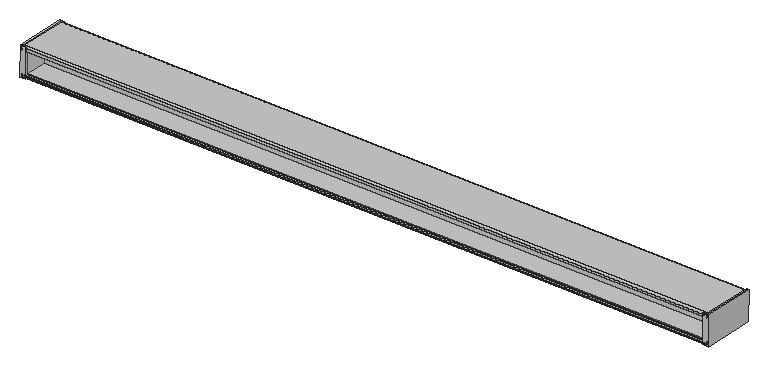
Revit family "Lighting_Linear_LED_StarTek_TallBeam-Wall_Mount1", category Lighting Fixtures, host Face, Revit 2019
Family settings
  Host = Face
  Round Connector Dimension = Use Diameter
  Part Type = Normal
  OmniClass Number = 23.80.70.11
  OmniClass Title = Luminaries for Internal Lighting
  Cut with Voids When Loaded = No
  Light Source = Yes
  Shared = No
  Room Calculation Point = No
Parameters (values of type "Not a type - Load Type Catalog!")
  z_Wall_M [instance] = Mounting = z_WM  # no
  z_Wall_AM [instance] = Mounting = z_AWM  # yes
  z_WallM [instance] = 1 = 1  # yes
  z_WM = Wall Mounting : Wall Mounted (WM)
  z_Start [instance] = Run Option = z_Option Start  # no
  z_Standalone [instance] = Run Option = z_Option Standalone  # yes
  z_SM None [instance] = 0 = 1  # no
  z_Position [instance] = if(z_Wall_AM, 2.00", if(z_Wall_M, 0.00", 2.00"))  # 2.00"
  Run Option [instance] = Straight Run : Standalone Fixture
  z_No of Connectors 1 [instance] = if(or(z_Start, z_Standalone, and(z_End, [Emergency Circuit - End Fixture])), 3, 2)  # 3
  z_Light Horizontal [instance] = Length / 2  # 24.00"
  z_End [instance] = Run Option = z_Option End  # no
  z_Middle [instance] = Run Option = z_Option Middle  # no
  z_Option Start [instance] = Straight Run : Start Fixture
  z_Option Standalone [instance] = Straight Run : Standalone Fixture
  z_Option Middle [instance] = Straight Run : Middle Fixture
  z_Option End [instance] = Straight Run : End Fixture
  z_Mep Y Distance [instance] = 2.50"  # constant formula
  z_Light Position [instance] = 1.50"  # constant formula
  z_Lamp Length 8’ = Length = 96.00"  # no
  z_Lamp Length 4’ = Length = 48.00"  # yes
  z_Distance = Length - 2.78"  # 45.22"
  z_AWM = Wall Mounting : Architectural Wall Mounted (AWM)
  Width = 2.00"  # constant formula
  Weight = 0.00 lbf
  Wattage Comments = "Efficacy up to 141 lm/W"
  Wattage = 59.0652 W
  Voltage Range = "120-277V"
  built-in parameter 1150110 = 1 (stored number, unit not read)
  Voltage = 120 V
  URL = "https://starteklightingamerica.com/tall-beam/"
  Type Comments = "Linear Lighting Fixture"  # constant formula
  built-in parameter 1114217 = 1 (stored number, unit not read)
  Tilt Angle [instance] = 90.00°  # constant formula
  built-in parameter 1150109 = 1 (stored number, unit not read)
  built-in parameter 1150134 = (empty or 0)
  built-in parameter 1150113 = 1 (stored number, unit not read)
  Product data url = "https://www.bimobject.com/startek-lighting/product/tall-beam"
  Product Material [instance] = StarTek Lighting - Aluminum - Powder Coat Silver
  Power Factor = 0.93
  Photometric Web File = "Generic Light Source Shown : Please download and link the IES file that best matches your fixture specification"
  Photometric Note = "Import IES files https://starteklightingamerica.com/"  # constant formula
  Phase = 1
  Number of Poles = 1
  Mounting [instance] = Wall Mounting : Architectural Wall Mounted (AWM)
  Mount Finish Note [instance] = "Aircraft Cable mount can be ordered in white (ACW, ALW) or black (ACB, ALB)"  # constant formula
  Mount Finish [instance] = StarTek Lighting - Aluminum - Powder Coat Black
  Model = "Tall Beam"
  Manufacturer = "StarTek Lighting"  # constant formula
  built-in parameter 1150105 = 648.64 (stored number, unit not read)
  Lumens = 8151 lm
  built-in parameter 1150115 = 1 (stored number, unit not read)
  built-in parameter 1150137 = (empty or 0)
  built-in parameter 1150139 = (empty or 0)
  Length = 48.00"
  built-in parameter 1150112 = 1 (stored number, unit not read)
  built-in parameter 1150114 = 1 (stored number, unit not read)
  Lamp = "LED"  # constant formula
  Keynote = "16500"  # constant formula
  Input Wattage = 24 W
  built-in parameter 1150132 = 2
  built-in parameter 1150102 = (empty or 0)
  built-in parameter 1150107 = 3500 (stored number, unit not read)
  built-in parameter 1150138 = (empty or 0)
  built-in parameter 1150106 = 6.4864 (stored number, unit not read)
  Height = 5.50"  # constant formula
  Frequency = 60 Hz
  Emit from Rectangle Width [instance] = 1.50"  # constant formula
  Emit from Rectangle Length [instance] = Length  # 48.00"
  Emit Shape Visible in Rendering = 2 < 1  # no
  Emergency Circuit - End Fixture [instance] = no
  Distribution = "SD"
  Description = "Tall Beam"  # constant formula
  built-in parameter 1150104 = 12.821 (stored number, unit not read)
  Dimming Lamp Color Temperature Shift = <None>
  Default Elevation = 48.00"
  Color Filter = 16777215
  Color [instance] = "Available options: Powder Coat White (PW), Powder Coat Black (PB), Powder Coat Silver (PS), Powder Coat Bronze (PBR), Powder Coat Other (PO*)"  # constant formula
  CRI = "80"
  built-in parameter 1114218 = 1 (stored number, unit not read)
  built-in parameter 1150133 = 10 (stored number, unit not read)
  Assembly Code = "D5020200"
  Apparent Load = Input Wattage / (Number of Poles * Power Factor)  # 25.8065 VA
Reference planes (in)
  plane 1 "Center (Front/Back)": y = 0
  plane 2: z = 0
  plane 3 "Center (Left/Right)": x = 0
  plane 4: x = -21.21875
  plane 5 "Light source": z = 1.5
  plane 6: z = 0.5
  plane 7: x = 21.21875
  plane 8: x = -21.75022
  plane 9: x = -20.68728
  plane 10: x = 20.68728
  plane 11: x = 21.75022
  plane 12: x = -22.2817
  plane 13: x = -20.1558
  plane 14: x = 20.1558
  plane 15: x = 22.2817
  plane 16: y = 2.5
  plane 17: x = -24
  plane 18: x = 24
  plane 19: x = 21.21875
  plane 20 "left": x = -21.22
  plane 21: y = 2.50781
  plane 22: y = 3.00781
Forms (in)
  Extrusion 1, solid, material "StarTek Lighting - Aluminum - Powder Coat Silver" <- "Product Material", not visible
    sketch origin (0, 1.1511, -0.03147) x (1, 0, 0) y (0, 0, 1)
      loop
        line (-21.25022, 0.03147) -> (-21.25022, -0.03147) -> (-21.18728, -0.03147) -> (-21.18728, 0.03147) -> (-21.25022, 0.03147)
    from -1.3606 to -1.33719
  Extrusion 2, solid, material "StarTek Lighting - Aluminum - Powder Coat Silver" <- "Product Material", visible <- "z_SM None"
    sketch origin (0, 0, 0) x (1, 0, 0) y (0, 1, 0)
      loop
        line (-22.2817, 0.5) -> (-20.1558, 0.5) -> (-20.1558, 2.01) -> (-22.2817, 2.01) -> (-22.2817, 0.5)
      loop
        line (22.2817, 0.5) -> (22.2817, 2.01) -> (20.1558, 2.01) -> (20.1558, 0.5) -> (22.2817, 0.5)
    from 0 to 0.125
  Extrusion 3, solid, material "StarTek Lighting - Aluminum - Powder Coat Silver" <- "Product Material", visible <- "z_Wall_M"
    sketch origin (0, 0, 0) x (0, 1, 0) y (0, 0, 1)
      loop
        line (3.49944, 2.265) -> (3.49944, 0.5) -> (0.00096, 0.5) -> (0.00096, 0) -> (3.62444, 0) -> (3.62444, 2.265) -> (3.49944, 2.265)
    from -21.75022 to -20.68728
  Extrusion 4, solid, material "StarTek Lighting - Aluminum - Powder Coat Silver" <- "Product Material", visible <- "z_Wall_M"
    sketch origin (0, 0, 0) x (0, 1, 0) y (0, 0, -1)
      loop
        line (3.49944, -2.265) -> (3.62444, -2.265) -> (3.62444, 0) -> (0.00096, 0) -> (0.00096, -0.5) -> (3.49944, -0.5) -> (3.49944, -2.265)
    from -21.75022 to -20.68728
  Extrusion 5, solid, material "StarTek Lighting - Aluminum - Powder Coat Silver" <- "Product Material", visible <- "z_Wall_AM"
    sketch origin (0, 0.99946, 0) x (1, 0, 0) y (0, 1, 0)
      loop
        line (-21.75022, 0.17652) -> (21.75022, 0.17652) -> (21.75022, 2.17652) -> (-21.75022, 2.17652) -> (-21.75022, 0.17652)
    from 0 to 0.5
Dimensions and locks (in)
  Extrusion 1 sketch curve to level to Extrusion 1 sketch curve = 0.00", 0.06295"
  "z_Light Position": plane 5 "Light source" to host face
  plane 8 to plane 4 to plane 9 = 0.53147" locked, 0.53147" locked
  plane 10 to plane 7 to plane 11 = 0.53147" locked, 0.53147" locked
  plane 12 to plane 4 to plane 13 = 1.06295" locked, 1.06295" locked
  plane 14 to plane 7 to plane 15 = 1.06295" locked, 1.06295" locked
  equal spacing: Extrusion 1, plane 16, Extrusion 1
  locked: Extrusion 1 to Extrusion 1 at 0.0234
  Extrusion 1 to plane 16 to Extrusion 1 = 0.0117" locked, 0.0117" locked
  locked: plane 6 to level at 0.5
  locked: level to Extrusion 3 sketch curve at 2.265
  equal spacing: plane 18, plane 3 "Center (Left/Right)", plane 17
  "Length": plane 18 to plane 17
  locked: plane 4 to plane 17 at 2.78125
  locked: plane 7 to plane 18 at 2.78125
  locked: Extrusion 3 to Extrusion 4 sketch curve at 2.265
  equal spacing: group 3, group 2, group 1
  equal spacing: group 1, group 2, group 3  (x2)
  "z_Distance": plane 18 to plane 20 "left"
  plane 19 to plane 7 = 0.00"
  aligned and locked: plane 2 to host face
  aligned and locked: level to host face
  aligned and locked: plane 12 to Extrusion 2 sketch curve
  aligned and locked: plane 13 to Extrusion 2 sketch curve
  aligned and locked: Extrusion 2 sketch curve to plane 15
  aligned and locked: Extrusion 2 sketch curve to plane 14
  aligned and locked: Extrusion 3 to plane 8
  aligned and locked: Extrusion 3 to plane 9
  aligned and locked: Extrusion 4 to plane 11
  aligned and locked: Extrusion 4 to plane 10
  aligned and locked: Extrusion 1 to Extrusion 3
  aligned and locked: plane 18 to nested 1
  aligned and locked: plane 20 "left" to nested 3
  aligned and locked: nested 1 to plane 21
  aligned and locked: nested 3 to plane 21
  aligned and locked: nested 4 to plane 3 "Center (Left/Right)"
  aligned and locked: imposter light to plane 1 "Center (Front/Back)"
  aligned and locked: imposter light to plane 5 "Light source"
  aligned and locked: plane 3 "Center (Left/Right)" to imposter light
Automatic sketch dimensions
  host sketch curve to host sketch curve = 96.00"  (x2)
  Extrusion 1 sketch curve to plane 20 "left" = 0.03022"
  plane 4 to Extrusion 1 sketch curve = 0.03147"
  Extrusion 2 sketch curve to plane 21 = 0.49781"  (x2)
  Extrusion 2 sketch curve to plane 1 "Center (Front/Back)" = 0.50"  (x2)
  Extrusion 3 sketch curve to level = 0.00"
  Extrusion 3 sketch curve to plane 6 = 0.00"
  Extrusion 3 sketch curve to plane 1 "Center (Front/Back)" = 0.00096"
  plane 22 to Extrusion 3 sketch curve = 0.49163"
  Extrusion 3 sketch curve to Extrusion 3 sketch curve = 0.125"
  Extrusion 4 sketch curve to level = 0.00"
  Extrusion 4 sketch curve to plane 6 = 0.00"
  Extrusion 4 sketch curve to plane 1 "Center (Front/Back)" = 0.00096"
  plane 22 to Extrusion 4 sketch curve = 0.49163"
  Extrusion 4 sketch curve to Extrusion 4 sketch curve = 0.125"
  Extrusion 5 sketch curve to plane 8 = 0.00"
  Extrusion 5 sketch curve to plane 11 = 0.00"
  Extrusion 5 sketch curve to plane 1 "Center (Front/Back)" = 1.17598"
  plane 22 to Extrusion 5 sketch curve = 0.16817"
Nested families (in)
  nested 1: "Connection" at (24, 2.50781, 0), type "Connection"
  nested 2: "Connection" at (1.39, 2.50781, 0), type "Connection"
  nested 3: "Connection" at (-21.22, 2.50781, 0), type "Connection"
  nested 4: "Straight Run" at (-0.3935, 3.00781, 1.5) x (1, 0, 0) z (0, -1, 0), visible <- "z_WallM", type "Standalone Fixture"
    with Wall yes, Ceiling no
Connectors (in)
  electrical at (-21.22, 2.50781, 0), driven by "Number of Poles", driven by "Voltage", driven by "Apparent Load", driven by "Power Factor"
    settings: on nested 3, index 2, voltage 120 V, apparent load 0 VA, apparent load phase1 25.8065 VA, apparent load phase2 0 VA, apparent load phase3 0 VA, power factor 0.93, load classification "Other", number of poles 1, system type 31, power factor state 1, is connector primary yes, connector utility no, sub classification motor no, connector description "Power supply"
Definition of nested family "Straight Run"
  Parameters (values of type "End Fixture")
    z_Start = no
    z_Standalone = yes
    z_Right Cap = and(or(z_End, z_Standalone), z_None)  # yes
    z_None = not(z_L)  # yes
    z_Left Cap = and(or(z_Start, z_Standalone), z_None)  # yes
    z_L = no
    z_End = no
    Width = 2.00"  # constant formula
    Wall [instance] = yes
    Length = 48.00"
    Lamp Finish = none
    Height = 3.50"  # constant formula
    Default Elevation = 48.00"
    Ceiling [instance] = no
    BeamD-8 = Length = 96.00"  # no
    BeamD-4 = Length = 48.00"  # yes
  Types (4): name
    End Fixture
    Middle Fixture
    Start Fixture
    Standalone Fixture
  Reference planes (in)
    plane 1 "Center (Front/Back)": y = 0
    plane 2: z = 0
    plane 3 "Center (Left/Right)": x = 0.3935
    plane 4: z = -0.49163
    plane 5: x = -23.7415
    plane 6: x = 24.5285
    plane 7: y = 1
    plane 8: y = -1
    plane 9: y = 0.765
    plane 10: y = -0.765
    plane 11: z = -0.41967
    plane 12: z = -0.31671
    plane 13: z = -0.25371
    plane 14: z = 0.09039
    plane 15: z = 0.18379
    plane 16: x = -21.488
    plane 17: x = -20.4373
    plane 18: x = 22.275
    plane 19: x = 21.2243
    plane 20: x = 21.49632
    plane 21: x = -20.70933
    plane 22: x = 21.3177
    plane 23: x = -20.5307
    plane 24: x = -23.6065
    plane 25: x = 24.3935
    plane 26: z = 3.00837
    plane 27: x = -23.6065
    plane 28: x = 24.3885
  Forms (in)
    Extrusion 1, solid
      sketch origin (0, 0, 0) x (1, 0, 0) y (0, 1, 0)
        loop
          line (-48, 48) -> (-48, -48) -> (48, -48) -> (48, 48) -> (-48, 48)
      from 0 to -12
    Extrusion 2, solid, material <- "Lamp Finish", visible <- "z_None", detail levels coarse
      sketch origin (0, 0, 0) x (1, 0, 0) y (0, 1, 0)
        loop
          line (24.5285, -1) -> (24.5285, 1) -> (-23.7415, 1) -> (-23.7415, -1) -> (24.5285, -1)
      from -0.49067 to 3.00837
    Extrusion 3, solid, material <- "Lamp Finish", visible <- "z_None", detail levels medium
      sketch origin (0, 0, 0) x (1, 0, 0) y (0, 0, 1)
        loop
          line (23.91576, -0.25371) -> (21.74357, -0.25371) -> (21.74357, -0.31671) -> (23.85276, -0.31671) -> (23.85276, -0.41967) -> (24.36857, -0.41967) -> (24.36857, -0.35667) -> (23.91576, -0.35667) -> (23.91576, -0.25371)
        loop
          line (-20.95713, -0.25371) -> (-23.12932, -0.25371) -> (-23.12932, -0.35667) -> (-23.58213, -0.35667) -> (-23.58213, -0.41967) -> (-23.06632, -0.41967) -> (-23.06632, -0.31671) -> (-20.95713, -0.31671) -> (-20.95713, -0.25371)
      from -0.765 to 0.765
    Extrusion 4, solid, material <- "Lamp Finish", visible <- "z_None", detail levels medium+fine
      sketch origin (0, 0, 0) x (1, 0, 0) y (0, 1, 0)
        loop
          circle (22.99574, 0) r 0.43921
        loop
          circle (-22.20874, 0) r 0.43921
      from -0.41967 to -0.31671
    Extrusion 5, solid, material <- "Lamp Finish", visible <- "z_None", detail levels medium+fine
      sketch origin (0, 0, 0) x (1, 0, 0) y (0, 1, 0)
        loop
          line (21.2243, 0.775) -> (21.2243, 0.33305) -> (21.49632, 0.33305)
          arc (21.49632, 0.33305) -> (21.55882, 0.27055) -> (21.49632, 0.20805) r 0.0625
          line (21.49632, 0.20805) -> (21.2243, 0.20805) -> (21.2243, -0.20805) -> (21.49632, -0.20805)
          arc (21.49632, -0.20805) -> (21.55882, -0.27055) -> (21.49632, -0.33305) r 0.0625
          line (21.49632, -0.33305) -> (21.2243, -0.33305) -> (21.2243, -0.775) -> (22.275, -0.775) -> (22.275, 0.775) -> (21.2243, 0.775)
        loop
          line (-20.4373, 0.775) -> (-21.488, 0.775) -> (-21.488, -0.775) -> (-20.4373, -0.775) -> (-20.4373, -0.33305) -> (-20.70933, -0.33305)
          arc (-20.70933, -0.33305) -> (-20.77183, -0.27055) -> (-20.70933, -0.20805) r 0.0625
          line (-20.70933, -0.20805) -> (-20.4373, -0.20805) -> (-20.4373, 0.20805) -> (-20.70933, 0.20805)
          arc (-20.70933, 0.20805) -> (-20.77183, 0.27055) -> (-20.70933, 0.33305) r 0.0625
          line (-20.70933, 0.33305) -> (-20.4373, 0.33305) -> (-20.4373, 0.775)
      from 0.09039 to 0.18379
    Extrusion 6, solid, material <- "Lamp Finish", visible <- "z_None", detail levels medium+fine
      sketch origin (0, 0, 0) x (1, 0, 0) y (0, 1, 0)
        loop
          circle (22.00149, 0) r 0.1043
        loop
          circle (-21.2145, 0) r 0.1043
      from -0.25371 to 0.09039
    Extrusion 7, solid, material <- "Lamp Finish", visible <- "z_None", detail levels medium+fine
      sketch origin (0.3935, 0, 0) x (0, 1, 0) y (0, 0, 1)
        loop
          line (0.775, -0.25395) -> (0.775, 0.09029) -> (0.33305, 0.09029) -> (0.33305, -0.18383)
          arc (0.33305, -0.18383) -> (0.27055, -0.24633) -> (0.20805, -0.18383) r 0.0625
          line (0.20805, -0.18383) -> (0.20805, 0.09029) -> (-0.20805, 0.09029) -> (-0.20805, -0.18383)
          arc (-0.20805, -0.18383) -> (-0.27055, -0.24633) -> (-0.33305, -0.18383) r 0.0625
          line (-0.33305, -0.18383) -> (-0.33305, 0.09029) -> (-0.775, 0.09029) -> (-0.775, -0.25395) -> (-0.675, -0.35395) -> (-0.605, -0.35395) -> (-0.50702, -0.43395) -> (0.50702, -0.43395) -> (0.605, -0.35395) -> (0.675, -0.35395) -> (0.775, -0.25395)
      from 20.8308 to 20.9242
    Extrusion 8, solid, material <- "Lamp Finish", visible <- "z_None", detail levels medium+fine
      sketch origin (0.3935, 0, 0) x (0, 1, 0) y (0, 0, -1)
        loop
          line (0.775, 0.25395) -> (0.675, 0.35395) -> (0.605, 0.35395) -> (0.50702, 0.43395) -> (-0.50702, 0.43395) -> (-0.605, 0.35395) -> (-0.675, 0.35395) -> (-0.775, 0.25395) -> (-0.775, -0.09029) -> (-0.33305, -0.09029) -> (-0.33305, 0.18383)
          arc (-0.33305, 0.18383) -> (-0.27055, 0.24633) -> (-0.20805, 0.18383) r 0.0625
          line (-0.20805, 0.18383) -> (-0.20805, -0.09029) -> (0.20805, -0.09029) -> (0.20805, 0.18383)
          arc (0.20805, 0.18383) -> (0.27055, 0.24633) -> (0.33305, 0.18383) r 0.0625
          line (0.33305, 0.18383) -> (0.33305, -0.09029) -> (0.775, -0.09029) -> (0.775, 0.25395)
      from 20.8308 to 20.9242
    Sweep 9, solid, material <- "Lamp Finish", visible <- "z_None", detail levels medium+fine
      path origin (0, 0, 0) x (1, 0, 0) y (0, 1, 0)
        loop
          line (24.3935, 0) -> (-23.6065, 0)
      profile origin (0.3935, 0, 0) x (0, -1, 0) y (0, 0, 1)
        loop
          line (-0.925, 1.13429) -> (-0.925, 2.93337) -> (-0.75191, 2.93337) -> (-0.75191, 3.00837) -> (-0.9, 3.00837)
          arc (-0.9, 3.00837) -> (-0.97071, 2.97908) -> (-1, 2.90837) r 0.1
          line (-1, 2.90837) -> (-1, -0.39067)
          arc (-1, -0.39067) -> (-0.97071, -0.46138) -> (-0.9, -0.49067) r 0.1
          line (-0.9, -0.49067) -> (-0.765, -0.49067) -> (-0.765, -0.41567) -> (-0.925, -0.41567) -> (-0.925, 1.05929) -> (0.925, 1.05929) -> (0.925, -0.41567) -> (0.765, -0.41567) -> (0.765, -0.49067) -> (0.9, -0.49067)
          arc (0.9, -0.49067) -> (0.97071, -0.46138) -> (1, -0.39067) r 0.1
          line (1, -0.39067) -> (1, 2.90837)
          arc (1, 2.90837) -> (0.97071, 2.97908) -> (0.9, 3.00837) r 0.1
          line (0.9, 3.00837) -> (0.75191, 3.00837) -> (0.75191, 2.93337) -> (0.925, 2.93337) -> (0.925, 1.13429) -> (-0.925, 1.13429)
    Sweep 10, solid, visible <- "z_None", detail levels medium+fine
      path origin (0, 0, 0) x (1, 0, 0) y (0, 1, 0)
        loop
          line (24.3935, 0) -> (-23.6065, 0)
      profile origin (0.3935, 0, 0) x (0, -1, 0) y (0, 0, 1)
        loop
          line (-0.78125, 2.81553) -> (0.78125, 2.81553) -> (0.78125, 2.89553) -> (-0.78125, 2.89553) -> (-0.78125, 2.81553)
    Extrusion 11, solid, material <- "Lamp Finish", visible <- "z_None", detail levels fine
      sketch origin (0, 0, 0) x (1, 0, 0) y (0, 0, 1)
        loop
          line (23.91576, -0.25371) -> (21.74357, -0.25371) -> (21.74357, -0.31671) -> (23.85276, -0.31671) -> (23.85276, -0.41967) -> (24.36857, -0.41967) -> (24.36857, -0.35667) -> (23.91576, -0.35667) -> (23.91576, -0.25371)
        loop
          line (-20.95713, -0.25371) -> (-23.12932, -0.25371) -> (-23.12932, -0.35667) -> (-23.58213, -0.35667) -> (-23.58213, -0.41967) -> (-23.06632, -0.41967) -> (-23.06632, -0.31671) -> (-20.95713, -0.31671) -> (-20.95713, -0.25371)
      from -0.765 to 0.765
    Extrusion 12, void
      sketch origin (0, 0, 0) x (1, 0, 0) y (0, 1, 0)
        loop
          circle (-23.37564, 0.56171) r 0.07495
        loop
          circle (-23.37564, -0.56171) r 0.07495
        loop
          circle (24.16264, 0.56171) r 0.07495
        loop
          circle (24.16264, -0.56171) r 0.07495
      from -0.49163 to 1.05929
    Extrusion 13, solid, material <- "Lamp Finish", visible <- "z_Left Cap", detail levels medium+fine
      sketch origin (0, 0, 0) x (1, 0, 0) y (0, 0, 1)
        loop
          line (-23.35117, 3.00837) -> (-23.7415, 3.00837) -> (-23.7415, -0.49163) -> (-23.6065, -0.49163) -> (-23.6065, 2.89553) -> (-23.35117, 2.89553) -> (-23.35117, 3.00837)
      from -1 to 1
    Extrusion 14, solid, material <- "Lamp Finish", visible <- "z_Right Cap", detail levels medium+fine
      sketch origin (0, 0, 0) x (1, 0, 0) y (0, 0, 1)
        loop
          line (24.13816, 3.00837) -> (24.13816, 2.89553) -> (24.3935, 2.89553) -> (24.3935, -0.49163) -> (24.5285, -0.49163) -> (24.5285, 3.00837) -> (24.13816, 3.00837)
      from -1 to 1
  Cuts and joins
    joined: Extrusion 5, Extrusion 7, Extrusion 8
    Extrusion 12 cuts Extrusion 11
  Lines and regions (in)
    Masking region 1, visible <- "z_None"
      outline origin (0, 0, 0) x (1, 0, 0) y (0, 0, 1)
        loop
          line (-23.7415, 3.00837) -> (-23.7415, -0.49163) -> (24.5285, -0.49163) -> (24.5285, 3.00837) -> (-23.7415, 3.00837)
    Masking region 2, visible <- "z_Standalone", detail levels medium+fine
      outline origin (0, 0, 0) x (1, 0, 0) y (0, 0, 1)
        loop
          line (-23.35117, 3.00837) -> (-23.7415, 3.00837) -> (-23.7415, -0.49163) -> (-23.6065, -0.49163) -> (-23.6065, 2.89553) -> (-23.35117, 2.89553) -> (-23.35117, 3.00837)
        loop
          line (24.5285, 3.00837) -> (24.13816, 3.00837) -> (24.13816, 2.89553) -> (24.3935, 2.89553) -> (24.3935, -0.49163) -> (24.5285, -0.49163) -> (24.5285, 3.00837)
    Masking region 3, visible <- "z_None"
      outline origin (0, 0, 0) x (1, 0, 0) y (0, 1, 0)
        loop
          line (-23.6065, 1) -> (-23.6065, -1) -> (24.3885, -1) -> (24.3885, 1) -> (-23.6065, 1)
    Masking region 4, visible <- "z_Left Cap", detail levels medium+fine
      outline origin (0, 0, 0) x (1, 0, 0) y (0, 1, 0)
        loop
          line (-23.7415, 1) -> (-23.7415, -1) -> (-23.35117, -1) -> (-23.35117, 1) -> (-23.7415, 1)
        loop
          line (24.13816, 1) -> (24.13816, -1) -> (24.5285, -1) -> (24.5285, 1) -> (24.13816, 1)
    Masking region 5, visible <- "z_None", detail levels medium+fine
      outline origin (0, 0, 0) x (1, 0, 0) y (0, 1, 0)
        loop
          line (-23.35117, 0.75191) -> (-23.35117, -0.75191) -> (24.13816, -0.75191) -> (24.13816, 0.75191) -> (-23.35117, 0.75191)
    Masking region 6, visible <- "z_Left Cap", detail levels medium+fine
      outline origin (0, 0, 0) x (1, 0, 0) y (0, 0, 1)
        loop
          line (-23.7415, 3.00837) -> (-23.7415, -0.49163) -> (-23.6065, -0.49163) -> (-23.6065, 2.89553) -> (-23.35117, 2.89553) -> (-23.35117, 3.00837) -> (-23.7415, 3.00837)
    Masking region 7, visible <- "z_Right Cap"
      outline origin (0, 0, 0) x (1, 0, 0) y (0, 0, 1)
        loop
          line (24.13816, 3.00837) -> (24.13816, 2.89553) -> (24.3935, 2.89553) -> (24.3935, -0.49163) -> (24.5285, -0.49163) -> (24.5285, 3.00837) -> (24.13816, 3.00837)
    Masking region 8, visible <- "z_Left Cap"
      outline origin (0, 0, 0) x (1, 0, 0) y (0, 1, 0)
        loop
          line (-23.7415, 1) -> (-23.7415, -1) -> (-23.35117, -1) -> (-23.35117, 1) -> (-23.7415, 1)
    Masking region 9, visible <- "z_Right Cap"
      outline origin (0, 0, 0) x (1, 0, 0) y (0, 1, 0)
        loop
          line (24.13816, 1) -> (24.13816, -1) -> (24.5285, -1) -> (24.5285, 1) -> (24.13816, 1)
    Masking region 10
      outline origin (0, 0, 0) x (1, 0, 0) y (0, 0, 1)
        loop
          line (-23.6065, 3.00837) -> (-23.6065, -0.49163) -> (0.3935, -0.49163) -> (0.3935, 3.00837) -> (-23.6065, 3.00837)
    Masking region 11, visible <- "z_L", detail levels medium+fine
      outline origin (0, 0, 0) x (1, 0, 0) y (0, 0, 1)
        loop
          line (-1.6065, 3.00837) -> (-1.6065, -0.49163) -> (0.3935, -0.49163) -> (0.3935, 3.00837) -> (-1.6065, 3.00837)
  Dimensions and locks (in)
    equal spacing: plane 5, plane 3 "Center (Left/Right)", plane 6
    plane 6 to Extrusion 3 sketch curve to Extrusion 3 sketch curve to Extrusion 3 sketch curve to Extrusion 3 sketch curve = 0.15992" locked, 0.45281" locked, 0.063" locked, 2.10919" locked
    Extrusion 3 sketch curve to Extrusion 3 sketch curve to Extrusion 3 sketch curve to Extrusion 3 sketch curve to plane 4 = 0.063" locked, 0.03996" locked, 0.063" locked, 0.07196" locked  (x2)
    Extrusion 3 sketch curve to Extrusion 3 sketch curve to Extrusion 3 sketch curve to Extrusion 3 sketch curve to plane 5 = 2.10919" locked, 0.063" locked, 0.45281" locked, 0.15937" locked
    locked: Extrusion 4 sketch curve to plane 6 at 1.53276
    locked: plane 5 to Extrusion 4 sketch curve at 1.53276
    locked: plane 5 to Sweep 9 sketch curve at 0.135
    locked: Sweep 9 sketch curve to plane 6 at 0.135
    locked: Sweep 10 sketch curve to plane 5 at 0.135
    locked: plane 6 to Sweep 10 sketch curve at 0.135
    locked: plane 5 to Extrusion 6 sketch curve at 2.527
    locked: Extrusion 6 sketch curve to plane 6 at 2.527
    locked: plane 19 to plane 20 at 0.27202
    locked: plane 21 to plane 17 at 0.27202
    Extrusion 11 sketch curve to Extrusion 11 sketch curve to Extrusion 11 sketch curve to Extrusion 11 sketch curve = 0.45281" locked, 0.063" locked, 2.10919" locked
    Extrusion 11 sketch curve to Extrusion 11 sketch curve to Extrusion 11 sketch curve to Extrusion 11 sketch curve = 0.063" locked, 0.03996" locked, 0.063" locked  (x2)
    Extrusion 11 sketch curve to Extrusion 11 sketch curve to Extrusion 11 sketch curve to Extrusion 11 sketch curve = 2.10919" locked, 0.063" locked, 0.45281" locked
    Extrusion 12 sketch curve to plane 1 "Center (Front/Back)" to Extrusion 12 sketch curve = 0.56171" locked, 0.56171" locked  (x2)
    locked: Extrusion 12 sketch curve to plane 6 at 0.36586  (x2)
    locked: plane 5 to Extrusion 12 sketch curve at 0.36586  (x2)
    plane 17 to plane 23 to plane 16 to plane 5 = 0.0934" locked, 0.9573" locked, 2.2535" locked
    plane 19 to plane 22 to plane 18 to plane 6 = 0.0934" locked, 0.9573" locked, 2.2535" locked
    locked: plane 5 to plane 24 at 0.135
    locked: plane 25 to plane 6 at 0.135
    "Length": plane 24 to plane 25
    equal spacing: plane 7, plane 1 "Center (Front/Back)", plane 8
    "Width": plane 7 to plane 8
    plane 11 to plane 12 to plane 13 to plane 2 to plane 14 to plane 15 = 0.10296" locked, 0.063" locked, 0.25371" locked, 0.09039" locked, 0.0934" locked
    "Height": plane 4 to plane 26
    locked: plane 4 to plane 11 at 0.07196
    locked: Sweep 9 sketch curve to plane 26 at 0.075  (x2)
    plane 4 to Sweep 9 sketch curve to Sweep 9 sketch curve = 1.55092" locked, 0.075" locked
    locked: plane 7 to Sweep 10 sketch curve at 0.21875
    locked: Sweep 10 sketch curve to plane 8 at 0.21875
    Sweep 10 sketch curve to Sweep 10 sketch curve to plane 26 = 0.08" locked, 0.11285" locked
    locked: plane 7 to Sweep 9 sketch curve at 0.24809
    locked: Sweep 9 sketch curve to plane 8 at 0.24809
    Extrusion 13 sketch curve to Extrusion 13 sketch curve to plane 5 = 0.25534", 0.135"
    Extrusion 14 sketch curve to Extrusion 14 sketch curve to plane 6 = 0.25534" locked, 0.135" locked
    locked: plane 26 to Extrusion 14 sketch curve at 0.11285
    plane 5 to Masking region 6 sketch curve to Masking region 6 sketch curve = 0.135" locked, 0.25534" locked
    locked: plane 6 to Masking region 7 sketch curve at 0.39034
    locked: plane 5 to Masking region 8 sketch curve at 0.39034
    locked: Masking region 9 sketch curve to plane 6 at 0.39034
    locked: plane 5 to plane 27 at 0.135
    locked: plane 28 to plane 6 at 0.14
    aligned and locked: plane 2 to Extrusion 1
    aligned and locked: level to Extrusion 1
    aligned and locked: Extrusion 2 to plane 5
    aligned and locked: plane 9 to Extrusion 3
    aligned and locked: Extrusion 3 to plane 10
    aligned and locked: plane 1 "Center (Front/Back)" to Extrusion 4 sketch curve  (x2)
    aligned and locked: Extrusion 4 to plane 12
    aligned and locked: plane 11 to Extrusion 4
    aligned and locked: Sweep 9 sketch curve to plane 1 "Center (Front/Back)"
    aligned and locked: Sweep 10 sketch curve to plane 1 "Center (Front/Back)"
    aligned and locked: plane 1 "Center (Front/Back)" to Extrusion 6 sketch curve  (x2)
    aligned and locked: plane 13 to Extrusion 6
    aligned and locked: Extrusion 6 to plane 14
    aligned and locked: plane 14 to cut or joined group of Extrusion 5, Extrusion 7, Extrusion 8
    aligned and locked: cut or joined group of Extrusion 5, Extrusion 7, Extrusion 8 to plane 15
    aligned and locked: Extrusion 5 sketch curve to plane 19
    aligned and locked: plane 19 to Extrusion 5 sketch curve  (x2)
    aligned and locked: Extrusion 5 sketch curve to plane 18
    aligned and locked: plane 20 to Extrusion 5 sketch curve  (x2)
    aligned and locked: Extrusion 5 sketch curve to plane 16
    aligned and locked: plane 17 to Extrusion 5 sketch curve  (x3)
    aligned and locked: plane 21 to Extrusion 5 sketch curve  (x2)
    aligned and locked: Extrusion 5 to Extrusion 7
    aligned and locked: plane 22 to Extrusion 7
    aligned and locked: plane 17 to cut or joined group of Extrusion 5, Extrusion 7, Extrusion 8
    aligned and locked: Extrusion 8 to plane 23
    aligned and locked: plane 4 to Extrusion 12
    aligned and locked: Extrusion 2 to plane 26
    aligned and locked: plane 7 to Sweep 9 sketch curve
    aligned and locked: Sweep 9 sketch curve to plane 8
    aligned and locked: Sweep 9 sketch curve to plane 26
    aligned and locked: plane 10 to Sweep 9 sketch curve
    aligned and locked: Sweep 9 sketch curve to plane 9
    aligned and locked: Masking region 1 sketch curve to plane 6
    aligned and locked: plane 26 to Masking region 1 sketch curve
    aligned and locked: plane 5 to Masking region 1 sketch curve
    aligned and locked: Masking region 1 sketch curve to plane 4
    aligned and locked: Masking region 2 sketch curve to plane 26  (x2)
    aligned and locked: Masking region 2 sketch curve to plane 4  (x2)
    aligned and locked: Masking region 2 sketch curve to plane 5
    aligned and locked: Masking region 2 sketch curve to plane 24
    aligned and locked: Masking region 2 sketch curve to plane 6
    aligned and locked: Masking region 2 sketch curve to plane 25
    aligned and locked: Masking region 3 sketch curve to plane 7
    aligned and locked: plane 8 to Masking region 3 sketch curve
    aligned and locked: Masking region 4 sketch curve to plane 7  (x2)
    aligned and locked: plane 8 to Masking region 4 sketch curve  (x2)
    aligned and locked: Masking region 4 sketch curve to plane 6
    aligned and locked: plane 5 to Masking region 4 sketch curve
    aligned and locked: Sweep 9 to Masking region 5 sketch curve  (x2)
    aligned and locked: Extrusion 13 sketch curve to plane 5
    aligned and locked: plane 4 to Extrusion 13 sketch curve
    aligned and locked: Extrusion 14 sketch curve to plane 6
    aligned and locked: plane 26 to Extrusion 14 sketch curve
    aligned and locked: plane 4 to Extrusion 14 sketch curve
    aligned and locked: plane 5 to Masking region 6 sketch curve
    aligned and locked: plane 26 to Masking region 6 sketch curve
    aligned and locked: Masking region 6 sketch curve to plane 4
    aligned and locked: plane 26 to Masking region 7 sketch curve
    aligned and locked: Masking region 7 sketch curve to plane 6
    aligned and locked: Masking region 7 sketch curve to plane 4
    aligned and locked: Masking region 7 sketch curve to plane 25
    aligned and locked: plane 7 to Extrusion 13
    aligned and locked: Extrusion 13 to plane 8
    aligned and locked: plane 7 to Extrusion 14
    aligned and locked: Extrusion 14 to plane 8
    aligned and locked: plane 5 to Masking region 8 sketch curve
    aligned and locked: Masking region 8 sketch curve to plane 7
    aligned and locked: plane 8 to Masking region 8 sketch curve
    aligned and locked: Masking region 9 sketch curve to plane 6
    aligned and locked: Masking region 9 sketch curve to plane 7
    aligned and locked: plane 8 to Masking region 9 sketch curve
    aligned and locked: Masking region 3 sketch curve to plane 28
    aligned and locked: Masking region 3 sketch curve to plane 27
    aligned and locked: Masking region 10 sketch curve to plane 4
    aligned and locked: Masking region 11 sketch curve to plane 26
    aligned and locked: Masking region 11 sketch curve to plane 4
  Automatic sketch dimensions
    Extrusion 1 sketch curve to Extrusion 1 sketch curve = 96.00"  (x2)
    Extrusion 2 sketch curve to plane 5 = 0.00"
    Extrusion 2 sketch curve to plane 6 = 0.00"
    Extrusion 2 sketch curve to plane 8 = 0.00"
    Extrusion 2 sketch curve to plane 7 = 0.00"
    Extrusion 5 sketch curve to plane 10 = 0.01"  (x2)
    plane 1 "Center (Front/Back)" to Extrusion 5 sketch curve = 0.33305"  (x2)
    Extrusion 5 sketch curve to Extrusion 5 sketch curve = 0.0625"  (x4)
    Extrusion 5 sketch curve to plane 1 "Center (Front/Back)" = 0.20805"  (x2)
    plane 9 to Extrusion 5 sketch curve = 0.01"  (x2)
    plane 13 to Extrusion 7 sketch curve = 0.00024"  (x2)
    Extrusion 7 sketch curve to plane 10 = 0.01"
    plane 12 to Extrusion 7 sketch curve = 0.03724"  (x2)
    plane 10 to Extrusion 7 sketch curve = 0.09"
    Extrusion 7 sketch curve to Extrusion 7 sketch curve = 0.07"  (x2)
    plane 11 to Extrusion 7 sketch curve = 0.01428"
    Extrusion 7 sketch curve to Extrusion 7 sketch curve = 0.09798"  (x2)
    plane 14 to Extrusion 7 sketch curve = 0.0001"  (x3)
    plane 1 "Center (Front/Back)" to Extrusion 7 sketch curve = 0.33305"
    Extrusion 7 sketch curve to Extrusion 7 sketch curve = 0.0625"  (x2)
    Extrusion 7 sketch curve to plane 1 "Center (Front/Back)" = 0.20805"
    Extrusion 7 sketch curve to plane 9 = 0.25798"
    plane 9 to Extrusion 7 sketch curve = 0.01"
    Extrusion 7 sketch curve to plane 13 = 0.06988"  (x2)
    plane 13 to Extrusion 8 sketch curve = 0.00024"  (x2)
    Extrusion 8 sketch curve to plane 10 = 0.01"
    plane 12 to Extrusion 8 sketch curve = 0.03724"  (x2)
    plane 10 to Extrusion 8 sketch curve = 0.09"
    Extrusion 8 sketch curve to Extrusion 8 sketch curve = 0.07"  (x2)
    plane 11 to Extrusion 8 sketch curve = 0.01428"
    Extrusion 8 sketch curve to Extrusion 8 sketch curve = 0.09798"  (x2)
    plane 14 to Extrusion 8 sketch curve = 0.0001"  (x3)
    plane 1 "Center (Front/Back)" to Extrusion 8 sketch curve = 0.33305"
    Extrusion 8 sketch curve to Extrusion 8 sketch curve = 0.0625"  (x2)
    Extrusion 8 sketch curve to plane 1 "Center (Front/Back)" = 0.20805"
    Extrusion 8 sketch curve to plane 9 = 0.25798"
    plane 9 to Extrusion 8 sketch curve = 0.01"
    Extrusion 8 sketch curve to plane 13 = 0.06988"  (x2)
    profile plane to Sweep 9 sketch curve = 0.925"
    Sweep 9 sketch curve to Sweep 9 sketch curve = 0.075"
    Sweep 9 sketch curve to Sweep 9 sketch curve = 0.025"  (x5)
    Sweep 9 sketch curve to Sweep 9 sketch curve = 0.10"  (x2)
    Sweep 9 sketch curve to profile plane = 0.925"
    Sweep 9 sketch curve to Sweep 9 sketch curve = 0.00"
    Sweep 9 sketch curve to level = 0.39067"  (x2)
    Extrusion 11 sketch curve to plane 11 = 0.00"
    Extrusion 11 sketch curve to plane 13 = 0.00"
    Extrusion 11 sketch curve to plane 24 = 0.02437"
    plane 22 to Extrusion 11 sketch curve = 0.42588"
    Extrusion 13 sketch curve to plane 26 = 0.00"
    Extrusion 13 sketch curve to Extrusion 13 sketch curve = 0.11285"
    plane 26 to Masking region 6 sketch curve = 0.11285"
    Masking region 7 sketch curve to Masking region 7 sketch curve = 0.11285"
    Masking region 2 sketch curve to plane 24 = 0.25534"
    plane 26 to Masking region 2 sketch curve = 0.11285"
    Masking region 2 sketch curve to plane 28 = 0.25034"
    Masking region 2 sketch curve to Masking region 2 sketch curve = 0.11285"
    Masking region 4 sketch curve to plane 24 = 0.25534"
    Masking region 4 sketch curve to plane 28 = 0.25034"
    Masking region 5 sketch curve to plane 24 = 0.25534"
    Masking region 5 sketch curve to plane 28 = 0.25034"
    Masking region 11 sketch curve to plane 3 "Center (Left/Right)" = 0.00"
    Masking region 10 sketch curve to plane 3 "Center (Left/Right)" = 0.00"
    plane 24 to Masking region 10 sketch curve = 0.00"
    Masking region 10 sketch curve to plane 26 = 0.00"
    Masking region 11 sketch curve to Masking region 11 sketch curve = 2.00"
    radius of Extrusion 4 sketch curve = 0.43921"  (x2)
    radius of Extrusion 6 sketch curve = 0.1043"  (x2)
    radius of Extrusion 12 sketch curve = 0.07495"  (x4)
Definition of nested family "Connection"
  Parameters (values of type "Connection")
    Default Elevation = 48.00"
  Reference planes (in)
    plane 1 "Center (Front/Back)": y = 0
    plane 2: z = 0
    plane 3 "Center (Left/Right)": x = 0
  Forms (in)
    Extrusion 1, solid
      sketch origin (0, 0, 0) x (1, 0, 0) y (0, 1, 0)
        loop
          line (-48, 48) -> (-48, -48) -> (48, -48) -> (48, 48) -> (-48, 48)
      from 0 to -12
    Extrusion 2, solid, not visible
      sketch origin (0, 0, 0) x (1, 0, 0) y (0, 1, 0)
        loop
          circle (0, 0) r 0.19685
      from 0 to 0.19321
  Dimensions and locks (in)
    aligned and locked: plane 2 to Extrusion 1
    aligned and locked: level to Extrusion 1
